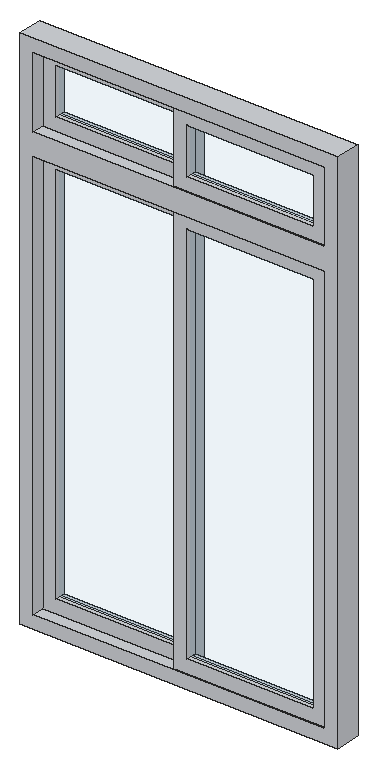
Revit family "DW3_DW3A_DW4_DW4A_落地鋁門窗", category 窗, Revit 2014
Parameters (values of type "150x 250 cm")
  熱阻 (R) = 0.271106 (m²·K)/W
  Visual Light Transmittance = 0.9
  Solar Heat Gain Coefficient = 0.78
  營造類型 Id = "GSP4R"
  Height = 2500 mm
  傳熱係數 (U) = 3.6886 W/(m²·K)
  預設窗台高度 = 0 mm
  關鍵註記 = "雙開窗-有氣窗"
  Rough Height = Height  # 2500 mm
  Rough Width = Width  # 1500 mm
  裝飾外框寬度 = 60 mm
  玻璃材質 = 玻璃
  牆封閉 = 依主體
  裝飾外框材料 = none
  裝飾外框厚度 = 120 mm
  Width = 1500 mm
  操作 = "垂直雙重面板"
  內部框架材料 = none
  內框寬度 = 60 mm
  內框厚度 = 50 mm
  中樘寬度 = 100 mm
  下窗高度 = 1940 mm
  解析營造 = "1/8 英吋 Pilkington 單層鑲嵌玻璃"
Types (5, lengths in mm): name | Height | 關鍵註記 | Rough Height | Rough Width | Width | 下窗高度
  120 x 235 cm | 2350 | "雙開窗-有氣窗" | 2350 | 1200 | 1200 | 1790
  120 x 250 cm | 2500 | "雙開窗-有氣窗" | 2500 | 1200 | 1200 | 1940
  150 x 235 cm | 2350 | "雙開窗-有氣窗" | 2350 | 1500 | 1500 | 1790
  150x 250 cm | 2500 | "雙開窗-有氣窗" | 2500 | 1500 | 1500 | 1940
  150 x 250 cm | 2500 | "雙開落地門-有氣窗" | 2500 | 1500 | 1500 | 1940
Reference planes
  plane 1: y = -180
  plane 2 "中心 (左/右)": x = 0
  plane 3 "左": x = -750
  plane 4 "右": x = 750
  plane 5 "窗台": z = 0
  plane 6 "窗頂": z = 2500
  plane 7 "外部": y = -105
  plane 8 "內部": y = -255
  plane 9: x = -30
  plane 10: x = 30
  plane 11: y = -120
  plane 12: y = -240
  plane 13: x = -690
  plane 14: x = 690
  plane 15: z = 2440
  plane 16: z = 60
  plane 17: z = 2000
  plane 18: z = 2100
Forms (mm)
  Extrusion 1, solid, material <- "裝飾外框材料"
    sketch origin (0, -180, 0) x (1, 0, 0) y (0, 0, 1)
      loop
        line (-750, 2500) -> (-750, 0) -> (750, 0) -> (750, 2500) -> (-750, 2500)
      loop
        line (-690, 2440) -> (-690, 2100) -> (690, 2100) -> (690, 2440) -> (-690, 2440)
      loop
        line (-690, 60) -> (690, 60) -> (690, 2000) -> (-690, 2000) -> (-690, 60)
    from 60 to -60
Lines and regions (mm)
  Opening 1
    outline origin (3442.648, -255, 0) x (1, 0, 0) y (0, 0, 1)
      loop
        line (-2692.648, 0) -> (-2692.648, 2500) -> (-4192.648, 2500) -> (-4192.648, 0) -> (-2692.648, 0)
Text (mm)
  text "外部" at (-1963.203, 1332.353, 0), in view "參考樓層"
  text "內部" at (-1981.466, -818.386, 0), in view "參考樓層"
  text "外部" at (0, 923.751, 2943.296), in view "右"
  text "外部" at (0, 1040.484, 2685.409), in view "左"
Dimensions and locks
  equal spacing: plane 3 "左", plane 2 "中心 (左/右)", plane 4 "右"
  "Width": plane 3 "左" to plane 4 "右"
  "Height": plane 5 "窗台" to plane 6 "窗頂"
  "預設窗台高度": plane 5 "窗台" to level
  locked: plane 7 "外部" to host wall at 0
  locked: plane 8 "內部" to host wall
  equal spacing: plane 9, plane 2 "中心 (左/右)", plane 10
  "內框寬度": plane 9 to plane 10
  equal spacing: plane 11, plane 1, plane 12
  "裝飾外框厚度": plane 11 to plane 12
  "裝飾外框寬度": plane 6 "窗頂" to plane 15
  "裝飾外框寬度": plane 16 to plane 5 "窗台"
  "裝飾外框寬度": plane 3 "左" to plane 13
  "裝飾外框寬度": plane 14 to plane 4 "右"
  "中樘寬度": plane 17 to plane 18
  "下窗高度": plane 16 to plane 17
  aligned and locked: plane 1 to nested 1
  aligned and locked: plane 1 to nested 2
  aligned and locked: nested 1 to plane 10
  aligned and locked: nested 2 to plane 9
  aligned and locked: plane 1 to host wall
  aligned and locked: host wall to Extrusion 1 sketch curve
  aligned and locked: Extrusion 1 sketch curve to host wall  (x3)
  aligned and locked: Opening 1 sketch curve to plane 6 "窗頂"
  aligned and locked: Opening 1 sketch curve to plane 4 "右"
  aligned and locked: Opening 1 sketch curve to plane 5 "窗台"
  aligned and locked: Opening 1 sketch curve to plane 3 "左"
  aligned and locked: Extrusion 1 sketch curve to plane 15
  aligned and locked: plane 13 to Extrusion 1 sketch curve
  aligned and locked: Extrusion 1 sketch curve to plane 14
  aligned and locked: plane 16 to Extrusion 1 sketch curve
  aligned and locked: plane 16 to nested 2
  aligned and locked: nested 1 to plane 16
  aligned and locked: nested 1 to plane 13
  aligned and locked: plane 14 to nested 2
  aligned and locked: plane 11 to Extrusion 1
  aligned and locked: Extrusion 1 to plane 12
  aligned and locked: plane 17 to Extrusion 1 sketch curve
  aligned and locked: plane 18 to Extrusion 1 sketch curve
  aligned and locked: nested 1 to plane 17
  aligned and locked: plane 17 to nested 2
  aligned and locked: nested 3 to plane 15
  aligned and locked: plane 15 to nested 4
  aligned and locked: nested 3 to plane 18
  aligned and locked: plane 18 to nested 4
  aligned and locked: nested 3 to plane 13
  aligned and locked: plane 14 to nested 4
  aligned and locked: nested 3 to plane 10
  aligned and locked: plane 9 to nested 4
Automatic sketch dimensions
  Extrusion 1 sketch curve to plane 14 = 0 mm
  Extrusion 1 sketch curve to plane 13 = 0 mm
Nested families
  nested 1: "窗框" at (-597.428, -1099.367, -940), type "窗框"
    with Height 1940 mm, Width 720 mm
  nested 2: "窗框" at (62.572, 739.367, -940), type "窗框"
    with Height 1940 mm, Width 720 mm
  nested 3: "窗框" at (-597.428, -1099.367, 1100), type "窗框"
    with Height 340 mm, Width 720 mm
  nested 4: "窗框" at (62.572, 739.367, 1100), type "窗框"
    with Height 340 mm, Width 720 mm
Definition of nested family "窗框"
  Parameters (values of type "窗框")
    Height [instance] = 500 mm
    護桿寬度 = 20 mm
    護桿厚度 = 10 mm
    Analytic Construction = "<無>"
    Rough Height = 500 mm
    Rough Width = 600 mm
    Width [instance] = 600 mm
    裝飾外框材料 = none
    玻璃材質 = 玻璃
    玻璃厚度 = 10 mm
    裝飾外框寬度 = 60 mm
    裝飾外框厚度 = 50 mm
    Assembly Code = ""
  Reference planes
    plane 1 "中心 (前/後)": y = -919.367
    plane 2: z = 0
    plane 3 "中心 (左/右)": x = 267.428
    plane 4 "玻璃-上": y = -939.367
    plane 5 "玻璃-下": y = -949.367
    plane 6: y = -969.367
    plane 7: x = -32.572
    plane 8: x = 567.428
    plane 9: x = 27.428
    plane 10: x = 507.428
    plane 11: z = 1440
    plane 12: z = 1500
    plane 13: z = 1060
    plane 14: z = 1000
    plane 15: y = -944.367
  Forms (mm)
    Extrusion 1, solid, material "玻璃" <- "玻璃材質"
      sketch origin (-1499.274, -944.367, 1200) x (-1, 0, 0) y (0, 0, 1)
        loop
          line (-1526.702, 240) -> (-2006.702, 240) -> (-2006.702, -140) -> (-1526.702, -140) -> (-1526.702, 240)
      from -5 to 5
    Extrusion 2, solid, material <- "裝飾外框材料"
      sketch origin (-1499.274, -944.367, 1200) x (-1, 0, 0) y (0, 0, 1)
        loop
          line (-1466.702, 300) -> (-2066.702, 300) -> (-2066.702, -200) -> (-1466.702, -200) -> (-1466.702, 300)
        loop
          line (-1526.702, 240) -> (-2006.702, 240) -> (-2006.702, -140) -> (-1526.702, -140) -> (-1526.702, 240)
      from -25 to 25
  Dimensions and locks
    equal spacing: plane 10, plane 3 "中心 (左/右)", plane 9
    "裝飾外框寬度": plane 8 to plane 10
    "裝飾外框寬度": plane 9 to plane 7
    "裝飾外框寬度": plane 12 to plane 11
    "Width": plane 8 to plane 7
    "裝飾外框寬度": plane 13 to plane 14
    "Height": plane 12 to plane 14
    plane 14 to level = 1000 mm
    equal spacing: plane 4 "玻璃-上", plane 15, plane 5 "玻璃-下"
    "玻璃厚度": plane 4 "玻璃-上" to plane 5 "玻璃-下"
    equal spacing: plane 6, plane 15, plane 1 "中心 (前/後)"
    "裝飾外框厚度": plane 6 to plane 1 "中心 (前/後)"
    aligned and locked: Extrusion 1 sketch curve to plane 11
    aligned and locked: plane 9 to Extrusion 1 sketch curve
    aligned and locked: Extrusion 1 sketch curve to plane 10
    aligned and locked: plane 13 to Extrusion 1 sketch curve
    aligned and locked: plane 7 to Extrusion 2 sketch curve
    aligned and locked: Extrusion 2 sketch curve to plane 12
    aligned and locked: Extrusion 2 sketch curve to plane 8
    aligned and locked: plane 9 to Extrusion 2 sketch curve
    aligned and locked: plane 13 to Extrusion 2 sketch curve
    aligned and locked: Extrusion 2 sketch curve to plane 10
    aligned and locked: Extrusion 2 sketch curve to plane 11
    aligned and locked: Extrusion 2 sketch curve to plane 14
    aligned and locked: plane 2 to level
    aligned and locked: plane 6 to Extrusion 2
    aligned and locked: plane 1 "中心 (前/後)" to Extrusion 2
    aligned and locked: plane 5 "玻璃-下" to Extrusion 1
    aligned and locked: plane 4 "玻璃-上" to Extrusion 1
